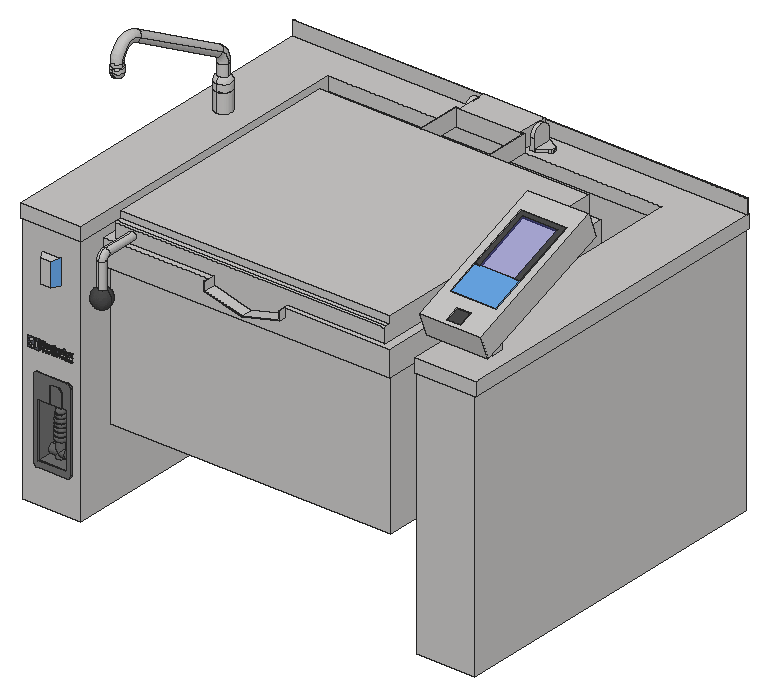
Revit family "QF_ELECTROLUXPROFESSIONAL_586294_PFET09ELEX", category Attrezzature speciali, Revit 2023 (continued)
Automatic sketch dimensions
  Extrusion 18 sketch curve to Extrusion 18 sketch curve = 0.425 mm  (x2)
  Extrusion 18 sketch curve to Extrusion 18 sketch curve = 0.051 mm  (x2)
  Extrusion 18 sketch curve to Extrusion 18 sketch curve = 0.495 mm  (x2)
  Extrusion 18 sketch curve to Extrusion 18 sketch curve = 0.267 mm  (x2)
  Extrusion 18 sketch curve to Extrusion 18 sketch curve = 1.40 mm
  Extrusion 18 sketch curve to Extrusion 18 sketch curve = 5.233 mm
  Extrusion 18 sketch curve to Extrusion 18 sketch curve = 2.062 mm
  plane 3 "LEFT" to Extrusion 19 sketch curve = 43.40 mm
  Extrusion 19 sketch curve to Extrusion 19 sketch curve = 82.00 mm
  plane 7 to Extrusion 19 sketch curve = 105.944 mm
  Extrusion 19 sketch curve to Extrusion 19 sketch curve = 195.00 mm
  Extrusion 20 sketch curve to plane 6 "TOP" = 0.00 mm
  Extrusion 20 sketch curve to plane 1 "BACK" = 0.00 mm
  Extrusion 20 sketch curve to Extrusion 20 sketch curve = 2.00 mm
  plane 6 "TOP" to Extrusion 20 sketch curve = 37.998 mm
  plane 6 "TOP" to Sweep 21 sketch curve = 7.881 mm
  plane 12 to Sweep 21 sketch curve = 19.819 mm
  Sweep 21 sketch curve to plane 6 "TOP" = 62.119 mm
  Sweep 21 sketch curve to profile plane = 0.00 mm  (x2)
  Revolve 22 sketch curve to plane 6 "TOP" = 62.119 mm
  plane 3 "LEFT" to Revolve 22 sketch curve = 287.976 mm
  Revolve 22 sketch curve to Revolve 22 sketch curve = 10.00 mm
  Revolve 22 sketch curve to Revolve 22 sketch curve = 20.00 mm
  Revolve 22 sketch curve to Revolve 22 sketch curve = 25.00 mm
  Revolve 22 sketch curve to Revolve 22 sketch curve = 0.00 mm
  Revolve 22 sketch curve to Revolve 22 sketch curve = 0.914 mm
  Revolve 22 sketch curve to Revolve 22 sketch curve = 18.672 mm
  Extrusion 23 sketch curve to plane 6 "TOP" = 0.00 mm  (x2)
  Extrusion 23 sketch curve to plane 6 "TOP" = 23.256 mm
  Extrusion 23 sketch curve to plane 8 "Center" = 99.207 mm
  Extrusion 23 sketch curve to Extrusion 23 sketch curve = 2.00 mm  (x2)
  plane 8 "Center" to Extrusion 23 sketch curve = 0.793 mm  (x2)
  Extrusion 23 sketch curve to plane 6 "TOP" = 21.703 mm
  plane 8 "Center" to Extrusion 23 sketch curve = 98.793 mm
  Extrusion 23 sketch curve to Extrusion 23 sketch curve = 1.553 mm  (x2)
  Extrusion 23 sketch curve to plane 6 "TOP" = 46.733 mm
  Extrusion 23 sketch curve to Extrusion 23 sketch curve = 2.064 mm
  Extrusion 24 sketch curve to plane 6 "TOP" = 0.00 mm
  Extrusion 24 sketch curve to plane 6 "TOP" = 20.15 mm  (x2)
  Extrusion 24 sketch curve to plane 8 "Center" = 95.207 mm
  plane 8 "Center" to Extrusion 24 sketch curve = 0.793 mm
  plane 8 "Center" to Extrusion 24 sketch curve = 96.793 mm
  Extrusion 24 sketch curve to plane 6 "TOP" = 44.669 mm
  plane 6 "TOP" to Extrusion 25 sketch curve = 56.00 mm
  plane 1 "BACK" to Extrusion 25 sketch curve = 219.70 mm
  plane 1 "BACK" to Extrusion 25 sketch curve = 73.209 mm
  plane 1 "BACK" to Extrusion 25 sketch curve = 22.055 mm
  Extrusion 25 sketch curve to Extrusion 25 sketch curve = 0.00 mm
  curve 1 to plane 4 "RIGHT" = 0.00 mm
  plane 5 "FRONT" to curve 2 = 0.00 mm
  curve 6 to plane 3 "LEFT" = 0.00 mm
  plane 5 "FRONT" to curve 6 = 0.00 mm
  curve 2 to plane 4 "RIGHT" = 160.00 mm
  curve 9 to curve 5 = 64.503 mm
  plane 1 "BACK" to curve 3 = 86.00 mm
  curve 5 to curve 9 = 124.00 mm
  plane 5 "FRONT" to curve 11 = 5.00 mm
  curve 2 to curve 11 = 62.107 mm
  curve 11 to curve 71 = 1.249 mm
  plane 8 "Center" to curve 10 = 92.573 mm
  plane 8 "Center" to curve 71 = 92.573 mm
  curve 10 to curve 10 = 2.114 mm
  curve 10 to curve 8 = 10.486 mm
  curve 7 to plane 8 "Center" = 79.027 mm
  curve 9 to plane 8 "Center" = 91.427 mm
  curve 8 to curve 10 = 29.70 mm
  plane 1 "BACK" to curve 1 = 160.70 mm
  plane 1 "BACK" to curve 4 = 160.70 mm
  curve 10 to curve 71 = 94.30 mm
  curve 71 to curve 11 = 0.00 mm
  curve 15 to plane 9 "Center (Front/Back)" = 122.00 mm
  curve 13 to plane 9 "Center (Front/Back)" = 122.00 mm
  curve 13 to curve 14 = 114.00 mm
  curve 15 to curve 16 = 114.00 mm
  plane 5 "FRONT" to curve 12 = 5.00 mm
  radius of curve 23 = 25.00 mm
  radius of Extrusion 15 sketch curve = 6.35 mm  (x2)
  radius of Extrusion 16 sketch curve = 6.35 mm
  radius of Extrusion 18 sketch curve = 2.453 mm
  radius of Extrusion 18 sketch curve = 1.557 mm
  radius of Extrusion 18 sketch curve = 1.468 mm
  radius of Extrusion 18 sketch curve = 2.451 mm
  radius of Sweep 21 sketch curve = 10.00 mm
Nested families
  nested 1: "QF_ELECTROLUXPROFESSIONAL_RubSprint" at (80, -330.346, 900), type "QF_ELECTROLUXPROFESSIONAL_RubSprint"
  nested 2: "QF_ELECTROLUXPROFESSIONAL_SprayGun" at (80.4, -837, 291.944), type "QF_ELECTROLUXPROFESSIONAL_SprayGun"
  nested 3: "QF_ELECTROLUXPROFESSIONAL_PFET_DISPLAY" at (1177.739, -679.876, 900) x (-1, 0, 0) z (0, 0, 1), type "QF_ELECTROLUXPROFESSIONAL_PFET_DISPLAY"
Connectors
  electrical at (1121.204, 5, 395), driven by "Volts"
    settings: on Extrusion 16, index 1, voltage 400 V, apparent load 15500 VA, apparent load phase1 0 VA, apparent load phase2 0 VA, apparent load phase3 0 VA, power factor 1, load classification "Other", number of poles 1, system type 30, power factor state 1, is connector primary yes, connector utility no, sub classification motor no, connector description "Electrical Connection"
  piping at (106.204, 5, 395), diameter 12.7
    settings: on Extrusion 15, index 2, connector inside diameter 1/2", connector length 0.00 mm, flow factor 0, pipe flow 0 GPM, pressure drop 0.00 psi, fitting loss kfactor 0, connector angle 0.00°, fixture units 0, engagement length 0.00 mm, angle of deflection 0.00°, flow configuration 1, flow direction 1, fitting loss method 0, system type 20, joint type 0, gender type 0, connector reference index -1, connector utility 0, adjustable connector no, is connector primary yes, connector description "Cold Water Inlet"
  piping at (46.204, 5, 395), diameter 12.7
    settings: on Extrusion 15, index 3, connector inside diameter 1/2", connector length 0.00 mm, flow factor 0, pipe flow 0 GPM, pressure drop 0.00 psi, fitting loss kfactor 0, connector angle 0.00°, fixture units 0, engagement length 0.00 mm, angle of deflection 0.00°, flow configuration 1, flow direction 1, fitting loss method 0, system type 19, joint type 0, gender type 0, connector reference index -1, connector utility 0, adjustable connector no, is connector primary no, connector description "Hot Water Inlet"
Definition of nested family "QF_ELECTROLUXPROFESSIONAL_RubSprint"
  Parameters
    Default Elevation = 0.00 mm
  Reference planes
    plane 1 "Center (Front/Back)": y = 0
    plane 2: z = 0
    plane 3 "Center (Left/Right)": x = 0
  Forms (mm)
    Revolve 1, solid
      sketch origin (0, 0, 0) x (0, 1, 0) y (0, 0, 1)
        loop
          line (-21, 0) -> (0, 0) -> (0, 82.75) -> (-14.385, 82.75)
          arc (-14.385, 82.75) -> (-19.409, 76.68) -> (-22.385, 69.383) r 26
          line (-22.385, 69.383) -> (-22.385, 51.306) -> (-21, 50.388) -> (-21, 0)
        axis (0, 82.75) -> (0, 0)
      angle from 0 to 360
    Sweep 2, solid
      path origin (0, 0, 0) x (0, 1, 0) y (0, 0, 1)
        loop
          line (0, 82.75) -> (0, 113.75)
          arc (0, 113.75) -> (-5.44, 133.889) -> (-20.279, 148.551) r 40
          line (-20.279, 148.551) -> (-290.279, 301.55)
          arc (-290.279, 301.55) -> (-330.139, 301.31) -> (-349.999, 266.749) r 40
          line (-349.999, 266.749) -> (-349.999, 257.884)
      profile origin (0, 0, 98.25) x (0, -1, 0) y (1, 0, 0)
        loop
          circle (0, 0) r 13.5
    Revolve 3, solid
      sketch origin (0, 0, 0) x (0, 1, 0) y (0, 0, 1)
        loop
          line (-333.717, 244.264) -> (-333.717, 254.236)
          arc (-333.717, 254.236) -> (-334.434, 255.758) -> (-335.779, 256.77) r 3.5
          line (-335.779, 256.77) -> (-336.499, 257.884) -> (-349.999, 257.884) -> (-349.999, 233.05) -> (-339.2, 233.05)
          arc (-339.2, 233.05) -> (-338.052, 233.411) -> (-337.32, 234.365) r 2
          line (-337.32, 234.365) -> (-333.717, 244.264)
        axis (-349.999, 257.884) -> (-349.999, 233.05)
      angle from 0 to 360
  Lines and regions (mm)
    symbolic lines
      curve 1: arc (-13.5, -17.856, 0) -> (0, 22.385, 0) -> (13.5, -17.856, 0) r 22.385
      curve 2: arc (-13.5, 0, 0) -> (0, 13.5, 0) -> (13.5, 0, 0) r 13.5
      curve 3: arc (-13.5, -349.999, 0) -> (0, -363.499, 0) -> (13.5, -349.999, 0) r 13.5
      curve 4: arc (-13.5, -340.897, 0) -> (0, -366.281, 0) -> (13.5, -340.897, 0) r 16.282
      curve 5: line (13.5, -349.999, 0) -> (13.5, 0, 0)
      curve 6: line (-13.5, -349.999, 0) -> (-13.5, 0, 0)
  Dimensions and locks
    aligned and locked: level to plane 2
Definition of nested family "QF_ELECTROLUXPROFESSIONAL_SprayGun"
  Parameters
    Default Elevation = 0.00 mm
  Reference planes
    plane 1 "Center (Front/Back)": y = 0
    plane 2: z = 0
    plane 3 "SGy": x = 13
    plane 4 "AxeZ": y = -45
    plane 5 "Center (Left/Right)": x = 4
    plane 6 "Center (Top/Right)": z = 112.5
  Forms (mm)
    Revolve 1, solid
      sketch origin (0, -45, 0) x (0, 0, 1) y (-1, 0, 0)
        loop
          line (73.98, -1.423) -> (33.98, -1.423) -> (33.98, -13) -> (151.7, -13) -> (151.7, -4.362)
          arc (151.7, -4.362) -> (147.093, -1.396) -> (141.64, -1.926) r 8.345
          arc (141.64, -1.926) -> (140.226, -2.024) -> (139.103, -1.16) r 2
          arc (139.103, -1.16) -> (138.832, -0.814) -> (138.493, -0.536) r 2
          arc (138.493, -0.536) -> (134.77, 0.557) -> (131.061, -0.581) r 6.745
          arc (131.061, -0.581) -> (129.812, -0.914) -> (128.62, -0.414) r 2
          arc (128.62, -0.414) -> (124.347, 1.338) -> (119.917, 0.035) r 6.972
          arc (119.917, 0.035) -> (118.79, -0.341) -> (117.648, -0.011) r 2
          arc (117.648, -0.011) -> (113.81, 1.188) -> (109.921, 0.166) r 7.275
          arc (109.921, 0.166) -> (108.725, -0.109) -> (107.594, 0.367) r 2
          arc (107.594, 0.367) -> (103.55, 1.928) -> (99.427, 0.587) r 6.475
          arc (99.427, 0.587) -> (98.262, 0.173) -> (97.076, 0.524) r 2
          arc (97.076, 0.524) -> (92.711, 1.941) -> (88.277, 0.758) r 8.094
          arc (88.277, 0.758) -> (87.212, 0.464) -> (86.153, 0.781) r 2
          arc (86.153, 0.781) -> (79.633, 2.075) -> (73.98, -1.423) r 9.075
        axis (151.7, -13) -> (33.98, -13)
      angle from 0 to 360
    Revolve 2, solid
      sketch origin (0, -45, 0) x (0, 0, 1) y (-1, 0, 0)
        loop
          line (47.58, 11.558) -> (40.98, 11.558) -> (40.98, 9.577) -> (35.98, 9.577) -> (35.98, -30.423) -> (40.98, -30.423) -> (40.98, -35.423) -> (47.58, -35.423) -> (47.58, 11.558)
        axis (47.58, 11.558) -> (47.58, -35.423)
      angle from 0 to 360
    Extrusion 3, solid
      sketch origin (0, -45, 0) x (1, 0, 0) y (0, 1, 0)
        loop
          line (21.638, 0) -> (17.319, 7.481) -> (8.681, 7.481) -> (4.362, 0) -> (8.681, -7.481) -> (17.319, -7.481) -> (21.638, 0)
      from 151.7 to 160.974
    Extrusion 4, solid
      sketch origin (0, 0, 0) x (1, 0, 0) y (0, 0, 1)
        loop
          arc (-45, 10) -> (-42.071, 2.929) -> (-35, 0) r 10
          line (-35, 0) -> (43, 0)
          arc (43, 0) -> (50.071, 2.929) -> (53, 10) r 10
          line (53, 10) -> (53, 215)
          arc (53, 215) -> (50.071, 222.071) -> (43, 225) r 10
          line (43, 225) -> (-35, 225)
          arc (-35, 225) -> (-42.071, 222.071) -> (-45, 215) r 10
          line (-45, 215) -> (-45, 10)
        loop
          line (-35, 162) -> (-35, 16) -> (43, 16) -> (43, 162) -> (29, 162) -> (29, 199)
          arc (29, 199) -> (26.657, 204.657) -> (21, 207) r 8
          line (21, 207) -> (5, 207)
          arc (5, 207) -> (-0.657, 204.657) -> (-3, 199) r 8
          line (-3, 199) -> (-3, 162) -> (-35, 162)
      from 63 to 60
    Extrusion 5, solid
      sketch origin (0, 0, 0) x (1, 0, 0) y (0, 0, 1)
        loop
          line (-35, 16) -> (43, 16) -> (43, 162) -> (29, 162) -> (29, 199)
          arc (29, 199) -> (26.657, 204.657) -> (21, 207) r 8
          line (21, 207) -> (5, 207)
          arc (5, 207) -> (-0.657, 204.657) -> (-3, 199) r 8
          line (-3, 199) -> (-3, 162) -> (-35, 162) -> (-35, 16)
        loop
          line (31, 164) -> (31, 199)
          arc (31, 199) -> (28.071, 206.071) -> (21, 209) r 10
          line (21, 209) -> (5, 209)
          arc (5, 209) -> (-2.071, 206.071) -> (-5, 199) r 10
          line (-5, 199) -> (-5, 164) -> (-37, 164) -> (-37, 14) -> (45, 14) -> (45, 164) -> (31, 164)
      from 0 to 60
    Extrusion 6, solid
      sketch origin (0, 0, 0) x (1, 0, 0) y (0, 0, 1)
        loop
          line (-37, 164) -> (-37, 14) -> (45, 14) -> (45, 164) -> (-37, 164)
      from 6 to 0
    Extrusion 7, solid
      sketch origin (0, 0, 0) x (1, 0, 0) y (0, 0, 1)
        loop
          line (28, 160.974) -> (28, 198)
          arc (28, 198) -> (25.657, 203.657) -> (20, 206) r 8
          line (20, 206) -> (6, 206)
          arc (6, 206) -> (0.343, 203.657) -> (-2, 198) r 8
          line (-2, 198) -> (-2, 160.974) -> (28, 160.974)
      from 0 to 63
  Dimensions and locks
    equal spacing: Extrusion 4, plane 5 "Center (Left/Right)", Extrusion 4
    Extrusion 4 to Extrusion 4 = 225.00 mm
    Extrusion 4 to Extrusion 4 = 98.00 mm
    aligned and locked: level to plane 2
  Automatic sketch dimensions
    plane 3 "SGy" to Revolve 1 sketch curve = 0.00 mm  (x2)
    plane 5 "Center (Left/Right)" to Revolve 1 sketch curve = 2.577 mm
    level to Revolve 1 sketch curve = 33.98 mm
    Revolve 1 sketch curve to Revolve 1 sketch curve = 40.00 mm
    Revolve 1 sketch curve to plane 5 "Center (Left/Right)" = 2.854 mm
    Revolve 1 sketch curve to Revolve 1 sketch curve = 7.27 mm
    Revolve 1 sketch curve to Revolve 1 sketch curve = 5.984 mm
    Revolve 1 sketch curve to plane 5 "Center (Left/Right)" = 2.15 mm
    Revolve 1 sketch curve to Revolve 1 sketch curve = 5.262 mm
    Revolve 1 sketch curve to Revolve 1 sketch curve = 5.712 mm
    Revolve 1 sketch curve to plane 5 "Center (Left/Right)" = 0.545 mm
    Revolve 1 sketch curve to Revolve 1 sketch curve = 5.167 mm
    Revolve 1 sketch curve to Revolve 1 sketch curve = 5.522 mm
    Revolve 1 sketch curve to plane 5 "Center (Left/Right)" = 2.085 mm
    Revolve 1 sketch curve to Revolve 1 sketch curve = 4.746 mm
    Revolve 1 sketch curve to Revolve 1 sketch curve = 5.106 mm
    Revolve 1 sketch curve to plane 5 "Center (Left/Right)" = 1.624 mm
    Revolve 1 sketch curve to Revolve 1 sketch curve = 5.239 mm
    Revolve 1 sketch curve to Revolve 1 sketch curve = 5.96 mm
    Revolve 1 sketch curve to plane 5 "Center (Left/Right)" = 2.187 mm
    Revolve 1 sketch curve to Revolve 1 sketch curve = 4.862 mm
    plane 5 "Center (Left/Right)" to Revolve 1 sketch curve = 1.788 mm
    Revolve 1 sketch curve to Revolve 1 sketch curve = 2.59 mm
    Revolve 1 sketch curve to Revolve 1 sketch curve = 3.403 mm
    plane 3 "SGy" to Revolve 1 sketch curve = 3.493 mm
    Revolve 1 sketch curve to Revolve 1 sketch curve = 4.325 mm
    Revolve 1 sketch curve to Revolve 1 sketch curve = 6.57 mm
    Revolve 1 sketch curve to plane 5 "Center (Left/Right)" = 0.362 mm
    plane 5 "Center (Left/Right)" to Revolve 1 sketch curve = 3.891 mm
    plane 5 "Center (Left/Right)" to Revolve 1 sketch curve = 5.081 mm
    plane 5 "Center (Left/Right)" to Revolve 1 sketch curve = 5.658 mm
    plane 5 "Center (Left/Right)" to Revolve 1 sketch curve = 5.884 mm
    plane 5 "Center (Left/Right)" to Revolve 1 sketch curve = 6.173 mm
    plane 5 "Center (Left/Right)" to Revolve 1 sketch curve = 6.464 mm
    Revolve 1 sketch curve to Revolve 1 sketch curve = 7.72 mm
    Revolve 1 sketch curve to Revolve 1 sketch curve = 0.00 mm  (x12)
    Revolve 1 sketch curve to Revolve 1 sketch curve = 1.57 mm
    Revolve 2 sketch curve to plane 3 "SGy" = 17.423 mm
    level to Revolve 2 sketch curve = 35.98 mm
    Revolve 2 sketch curve to Revolve 2 sketch curve = 5.00 mm  (x3)
    Revolve 2 sketch curve to Revolve 2 sketch curve = 6.60 mm
    plane 5 "Center (Left/Right)" to Revolve 2 sketch curve = 13.577 mm
    Revolve 2 sketch curve to Revolve 2 sketch curve = 1.981 mm
    Revolve 2 sketch curve to Revolve 2 sketch curve = 0.00 mm  (x2)
    Revolve 2 sketch curve to Revolve 2 sketch curve = 4.326 mm
    plane 4 "AxeZ" to Extrusion 3 sketch curve = 0.00 mm  (x2)
    Extrusion 3 sketch curve to plane 5 "Center (Left/Right)" = 0.362 mm
    plane 3 "SGy" to Extrusion 3 sketch curve = 4.319 mm  (x2)
    Extrusion 3 sketch curve to plane 3 "SGy" = 4.319 mm  (x2)
    Extrusion 3 sketch curve to Extrusion 3 sketch curve = 4.319 mm
    plane 4 "AxeZ" to Extrusion 3 sketch curve = 7.481 mm
    Extrusion 3 sketch curve to plane 4 "AxeZ" = 7.481 mm
    Extrusion 4 sketch curve to level = 0.00 mm
    level to Extrusion 4 sketch curve = 10.00 mm
    plane 5 "Center (Left/Right)" to Extrusion 4 sketch curve = 49.00 mm
    Extrusion 4 sketch curve to Extrusion 4 sketch curve = 10.00 mm  (x2)
    Extrusion 4 sketch curve to Extrusion 4 sketch curve = 0.00 mm  (x3)
    plane 5 "Center (Left/Right)" to Extrusion 4 sketch curve = 7.00 mm
    Extrusion 4 sketch curve to plane 5 "Center (Left/Right)" = 1.00 mm
    Extrusion 4 sketch curve to plane 3 "SGy" = 8.00 mm
    Extrusion 4 sketch curve to plane 3 "SGy" = 16.00 mm
    Extrusion 4 sketch curve to Extrusion 4 sketch curve = 14.00 mm  (x2)
    Extrusion 4 sketch curve to Extrusion 4 sketch curve = 6.00 mm
    Extrusion 4 sketch curve to Extrusion 4 sketch curve = 146.00 mm
    Extrusion 4 sketch curve to Extrusion 4 sketch curve = 37.00 mm
    Extrusion 4 sketch curve to Extrusion 4 sketch curve = 16.00 mm
    Extrusion 5 sketch curve to Extrusion 5 sketch curve = 0.00 mm  (x5)
    level to Extrusion 5 sketch curve = 14.00 mm
    plane 5 "Center (Left/Right)" to Extrusion 5 sketch curve = 41.00 mm
    Extrusion 5 sketch curve to Extrusion 5 sketch curve = 2.00 mm  (x6)
    plane 5 "Center (Left/Right)" to Extrusion 5 sketch curve = 9.00 mm
    Extrusion 5 sketch curve to plane 5 "Center (Left/Right)" = 1.00 mm
    Extrusion 5 sketch curve to plane 3 "SGy" = 8.00 mm
    Extrusion 5 sketch curve to Extrusion 5 sketch curve = 8.00 mm
    Extrusion 5 sketch curve to plane 3 "SGy" = 30.00 mm
    Extrusion 5 sketch curve to Extrusion 5 sketch curve = 146.00 mm
    Extrusion 5 sketch curve to Extrusion 5 sketch curve = 35.00 mm
    level to Extrusion 6 sketch curve = 14.00 mm
    plane 5 "Center (Left/Right)" to Extrusion 6 sketch curve = 41.00 mm
    Extrusion 6 sketch curve to plane 3 "SGy" = 32.00 mm
    Extrusion 6 sketch curve to Extrusion 6 sketch curve = 150.00 mm
    plane 5 "Center (Left/Right)" to Extrusion 7 sketch curve = 6.00 mm
    Extrusion 7 sketch curve to plane 5 "Center (Left/Right)" = 2.00 mm
    Extrusion 7 sketch curve to plane 3 "SGy" = 7.00 mm
    Extrusion 7 sketch curve to plane 3 "SGy" = 15.00 mm
    level to Extrusion 7 sketch curve = 160.974 mm
    Extrusion 7 sketch curve to Extrusion 7 sketch curve = 37.026 mm
Definition of nested family "QF_ELECTROLUXPROFESSIONAL_PFET_DISPLAY"
  Parameters (values of type "QF_ELECTROLUXPROFESSIONAL_PFET_DISPLAY")
    Model = "729047"
    Default Elevation = 900.00 mm
  Reference planes
    plane 1 "Center (Front/Back)": y = -15.175
    plane 2: z = 0
    plane 3 "Center (Left/Right)": x = 57.739
    plane 4 "Display": through (0, -201.891, 95.406) normal (0, 0.3584, -0.9336)
  Forms (mm)
    Extrusion 1, solid
      sketch origin (0, -919.2, 0) x (1, 0, 0) y (0, 1, 0)
        loop
          line (-362.261, 1124.025) -> (-362.261, 681.672) -> (449.537, 681.672) -> (449.537, 1124.025) -> (-362.261, 1124.025)
      from 0 to -59.546
    Extrusion 2, solid
      sketch origin (57.739, 0, 0) x (0, 1, 0) y (0, 0, 1)
        loop
          line (-180.341, 36.197) -> (177.83, 166.561) -> (152.87, 231.585) -> (-201.891, 95.406) -> (-180.341, 36.197)
      from -80 to 80
    Extrusion 3, void
      sketch origin (57.739, 0, 0) x (0, 1, 0) y (0, 0, 1)
        loop
          line (107.983, 208.999) -> (106.191, 213.667) -> (-127.204, 124.075) -> (-125.412, 119.407) -> (107.983, 208.999)
      from -60 to 60
    Extrusion 4, solid
      sketch origin (0, -57.848, 150.699) x (0, -0.93358, -0.358368) y (-1, 0, 0)
        loop
          line (-10.709, 2.261) -> (-175.709, 2.261) -> (-175.709, -117.739) -> (-10.709, -117.739) -> (-10.709, -103.739) -> (-161.709, -103.739) -> (-161.709, -11.739) -> (-10.709, -11.739) -> (-10.709, 2.261)
      from 0 to 5
    Extrusion 5, solid
      sketch origin (0, -57.848, 150.699) x (0, -0.93358, -0.358368) y (-1, 0, 0)
        loop
          line (-10.709, -11.739) -> (-161.709, -11.739) -> (-161.709, -103.739) -> (-10.709, -103.739) -> (-10.709, -11.739)
      from 0 to 5
    Extrusion 6, solid
      sketch origin (0, -57.848, 150.699) x (0, -0.93358, -0.358368) y (-1, 0, 0)
        loop
          line (-10.709, 2.261) -> (-10.709, -117.739) -> (74.291, -117.739) -> (74.291, 2.261) -> (-10.709, 2.261)
      from 0 to 5
    Extrusion 7, void
      sketch origin (0, -57.848, 150.699) x (0, -0.93358, -0.358368) y (-1, 0, 0)
        loop
          line (107.614, -75.239) -> (142.614, -75.239) -> (142.614, -40.239) -> (107.614, -40.239) -> (107.614, -75.239)
      from 0 to 2
    Extrusion 8, solid
      sketch origin (0, -57.848, 150.699) x (0, -0.93358, -0.358368) y (-1, 0, 0)
        loop
          line (142.614, -40.239) -> (107.614, -40.239) -> (107.614, -75.239) -> (142.614, -75.239) -> (142.614, -40.239)
      from 2 to 0
    Extrusion 9, solid
      sketch origin (57.739, 0, 0) x (0, 1, 0) y (0, 0, 1)
        loop
          line (-111.124, 61.39) -> (-111.124, 0) -> (-81.124, 0) -> (-81.124, 72.309) -> (-111.124, 61.39)
      from -40 to 40
  Cuts and joins
    Extrusion 3, Extrusion 7 cuts Extrusion 2
  Lines and regions (mm)
    symbolic lines
      curve 1: line (-22.261, 177.83, 0) -> (137.739, 177.83, 0)
      curve 2: line (-22.261, -201.891, 0) -> (-22.261, 177.83, 0)
      curve 3: line (137.739, -201.891, 0) -> (-22.261, -201.891, 0)
      curve 4: line (137.739, 177.83, 0) -> (137.739, -201.891, 0)
      curve 5: line (40.239, -190.989, 0) -> (40.239, -158.314, 0)
      curve 6: line (75.239, -158.314, 0) -> (75.239, -190.989, 0)
      curve 7: line (-2.261, -127.204, 0) -> (-2.261, 106.191, 0)
      curve 8: line (117.739, 106.191, 0) -> (117.739, -127.204, 0)
      curve 9: line (-22.261, 152.87, 0) -> (137.739, 152.87, 0)
      curve 10: line (117.739, -47.85, 0) -> (-2.261, -47.85, 0)
      curve 11: line (11.739, 93.121, 0) -> (11.739, -47.85, 0)
      curve 12: line (103.739, 93.121, 0) -> (11.739, 93.121, 0)
      curve 13: line (103.739, -47.85, 0) -> (103.739, 93.121, 0)
      curve 14: line (117.739, 106.191, 0) -> (-2.261, 106.191, 0)
      curve 15: line (-2.261, -127.204, 0) -> (117.739, -127.204, 0)
      curve 16: line (75.239, -158.314, 0) -> (40.239, -158.314, 0)
      curve 17: line (40.239, -190.989, 0) -> (75.239, -190.989, 0)
  Dimensions and locks
    aligned and locked: plane 2 to Extrusion 1
    aligned and locked: level to Extrusion 1
